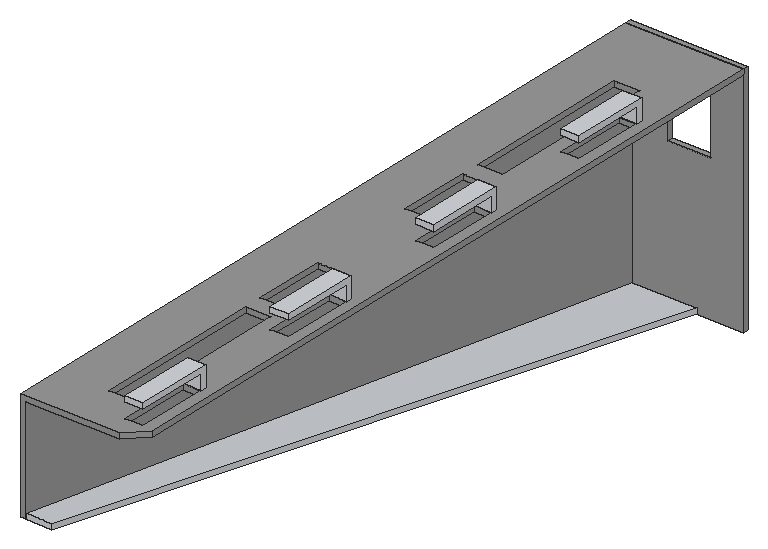
Revit family "MWAG 12 21 A4", category Generic Models, Revit 2017
Family settings
  Can host rebar = No
  Round Connector Dimension = Use Diameter
  Part Type = Normal
  Work Plane-Based = No
  Always vertical = Yes
  Cut with Voids When Loaded = No
  Shared = No
  Room Calculation Point = No
Parameters (values of type "MWAG 12 21 A4")
  URL = "http://www.obo-bettermann.com"
  Material = Stainless steel, rustproof 1.4571
  Manufacturer Art.No. = "6424412"
  Manufacturer = "OBO BETTERMANN"
  GTIN = ""
  Cut's number = 4
  Article Type = "MWAG 12 21 A4"
Reference planes
  plane 1 "Center (Front/Back)": y = 0
  plane 2: z = 0
  plane 3 "Center (Left/Right)": x = 0
  plane 4: z = 65.3
  plane 5: y = -1.5
  plane 6: y = -210
  plane 7: z = 34.6
  plane 8: x = 8.8
  plane 9: x = 19.5
  plane 10: z = 59
  plane 11: x = 17.494
  plane 12: y = -197
  plane 13: x = 17.494
  plane 14: y = -145.023
  plane 15: y = -110.023
  plane 16: y = -183
  plane 17: x = 26.994
  plane 18: x = 24.456
  plane 19: x = 29.45
  plane 20: y = -133
  plane 21: y = -83
  plane 22: y = -33
Forms (mm)
  Extrusion 1, solid, material "Stainless steel, rustproof 1.4571" <- "Material"
    sketch origin (0, 0, 0) x (1, 0, 0) y (0, 0, 1)
      loop
        line (0, 0) -> (32.494, 0) -> (32.494, 65) -> (0, 65) -> (0, 0)
    from 0 to 1.5
  Extrusion 2, solid, material "Stainless steel, rustproof 1.4571" <- "Material"
    sketch origin (0, 0, 0) x (1, 0, 0) y (0, 0, 1)
      loop
        line (0, 65) -> (0, 0) -> (1.5, 0) -> (1.5, 63.5) -> (32.494, 63.5) -> (32.494, 65) -> (0, 65)
    from 1.5 to 210
  Extrusion 3, void
    sketch origin (0, 0, 0) x (0, 1, 0) y (0, 0, 1)
      loop
        line (-210, 34.6) -> (-210, 0) -> (-1.5, 0) -> (-210, 34.6)
    from 0 to 1.5
  Extrusion 4, solid
    sketch origin (0, 0, 0) x (0, 1, 0) y (0, 0, 1)
      loop
        line (-1.5, 0) -> (-1.5, 1.521) -> (-210, 36.121) -> (-210, 34.6) -> (-1.5, 0)
    from 1.5 to 32.494
  Extrusion 5, void
    sketch origin (0, 0, 0) x (1, 0, 0) y (0, 1, 0)
      loop
        line (19.5, -1.5) -> (8.8, -210) -> (32.494, -210) -> (32.494, -1.5) -> (19.5, -1.5)
    from 0 to 36.673
  Extrusion 6, void
    sketch origin (0, 0, 0) x (1, 0, 0) y (0, 0, 1)
      loop
        line (11.494, 59) -> (11.494, 40) -> (23.494, 40) -> (23.494, 59) -> (11.494, 59)
    from 0 to 1.5
  Extrusion 7, void
    sketch origin (0, 0, 0) x (1, 0, 0) y (0, 1, 0)
      loop
        line (13.994, -197) -> (20.994, -197) -> (20.994, -150.023) -> (13.994, -150.023) -> (13.994, -197)
      loop
        line (13.994, -145.023) -> (20.994, -145.023) -> (20.994, -125.023) -> (13.994, -125.023) -> (13.994, -145.023)
      loop
        line (13.994, -23.047) -> (13.994, -70.023) -> (20.994, -70.023) -> (20.994, -23.047) -> (13.994, -23.047)
      loop
        line (13.994, -75.023) -> (13.994, -95.023) -> (20.994, -95.023) -> (20.994, -75.023) -> (13.994, -75.023)
    from 63.5 to 65
  Extrusion 8, solid
    sketch origin (0, 0, 0) x (0, 1, 0) y (0, 0, 1)
      loop
        line (-183, 65) -> (-183, 70.609) -> (-204.507, 70.609) -> (-204.507, 69.109) -> (-184.519, 69.109) -> (-184.519, 65) -> (-183, 65)
    from 24.456 to 29.45
  Extrusion 9, solid
    sketch origin (0, 50, 0) x (0, 1, 0) y (0, 0, 1)
      loop
        line (-183, 65) -> (-183, 70.609) -> (-204.507, 70.609) -> (-204.507, 69.109) -> (-184.519, 69.109) -> (-184.519, 65) -> (-183, 65)
    from 24.456 to 29.45
  Extrusion 10, solid
    sketch origin (0, 100, 0) x (0, 1, 0) y (0, 0, 1)
      loop
        line (-183, 65) -> (-183, 70.609) -> (-204.507, 70.609) -> (-204.507, 69.109) -> (-184.519, 69.109) -> (-184.519, 65) -> (-183, 65)
    from 24.456 to 29.45
  Extrusion 11, solid
    sketch origin (0, 150, 0) x (0, 1, 0) y (0, 0, 1)
      loop
        line (-183, 65) -> (-183, 70.609) -> (-204.507, 70.609) -> (-204.507, 69.109) -> (-184.519, 69.109) -> (-184.519, 65) -> (-183, 65)
    from 24.456 to 29.45
  Extrusion 12, void
    sketch origin (0, 0, 0) x (1, 0, 0) y (0, 1, 0)
      loop
        line (24.456, -184.519) -> (24.456, -204.507) -> (29.45, -204.507) -> (29.45, -184.519) -> (24.456, -184.519)
    from 63.5 to 65
  Extrusion 13, void
    sketch origin (0, 50, 0) x (1, 0, 0) y (0, 1, 0)
      loop
        line (24.456, -184.519) -> (24.456, -204.507) -> (29.45, -204.507) -> (29.45, -184.519) -> (24.456, -184.519)
    from 63.5 to 65
  Extrusion 14, void
    sketch origin (0, 100, 0) x (1, 0, 0) y (0, 1, 0)
      loop
        line (24.456, -184.519) -> (24.456, -204.507) -> (29.45, -204.507) -> (29.45, -184.519) -> (24.456, -184.519)
    from 63.5 to 65
  Extrusion 15, void
    sketch origin (0, 150, 0) x (1, 0, 0) y (0, 1, 0)
      loop
        line (24.456, -184.519) -> (24.456, -204.507) -> (29.45, -204.507) -> (29.45, -184.519) -> (24.456, -184.519)
    from 63.5 to 65
  Extrusion 16, void
    sketch origin (0, 0, 0) x (1, 0, 0) y (0, 1, 0)
      loop
        line (32.494, -210) -> (32.494, -205) -> (27.494, -210) -> (32.494, -210)
    from 63.5 to 65
Cuts and joins
  Extrusion 3, Extrusion 5, Extrusion 7, Extrusion 12, Extrusion 13, Extrusion 14, Extrusion 15, Extrusion 16 cuts Extrusion 2
  Extrusion 5, Extrusion 6 cuts Extrusion 1
  Extrusion 5, Extrusion 7 cuts Extrusion 4
  Extrusion 12 cuts Extrusion 8
Dimensions and locks
  locked: plane 4 to level at 65.3
  locked: plane 1 "Center (Front/Back)" to Extrusion 1 at 1.5
  locked: Extrusion 1 to Extrusion 2 sketch curve at 1.5  (x2)
  Extrusion 1 to Extrusion 1 = 32.494 mm
  Extrusion 1 to Extrusion 1 = 65 mm
  locked: plane 1 "Center (Front/Back)" to plane 6 at 210
  locked: Extrusion 2 to plane 7 at 30.4
  locked: cut or joined group 1 (Extrusion 2, Extrusion 3, Extrusion 5, Extrusion 7, Extrusion 12, Extrusion 13, Extrusion 14, Extrusion 15, Extrusion 16) to plane 8 at 8.8
  locked: plane 3 "Center (Left/Right)" to plane 9 at 19.5
  locked: cut or joined group 1 to plane 10 at 6
  locked: cut or joined group of Extrusion 1, Extrusion 5, Extrusion 6 to plane 11 at 15
  locked: Extrusion 6 sketch curve to Extrusion 6 sketch curve at 19
  Extrusion 6 sketch curve to Extrusion 6 sketch curve = 12 mm
  locked: Extrusion 6 sketch curve to Extrusion 6 sketch curve at 12
  locked: plane 11 to Extrusion 6 sketch curve at 6
  locked: plane 13 to cut or joined group 1 at 15
  locked: Extrusion 7 sketch curve to Extrusion 7 sketch curve at 7  (x4)
  locked: Extrusion 7 sketch curve to plane 13 at 3.5
  locked: Extrusion 7 sketch curve to Extrusion 7 sketch curve at 46.977  (x2)
  locked: Extrusion 7 sketch curve to Extrusion 7 sketch curve at 20  (x2)
  locked: Extrusion 7 sketch curve to plane 14 at 20
  plane 15 to Extrusion 7 sketch curve = 15 mm
  locked: plane 15 to Extrusion 7 sketch curve at 15
  locked: Extrusion 8 sketch curve to Extrusion 8 sketch curve at 21.507
  locked: plane 17 to cut or joined group 1 at 5.5
  locked: Extrusion 9 sketch curve to Extrusion 9 sketch curve at 21.507
  equal spacing: group 1, group 2, group 3, group 4  (x3)
  locked: Extrusion 10 sketch curve to Extrusion 10 sketch curve at 21.507
  locked: Extrusion 11 sketch curve to Extrusion 11 sketch curve at 21.507
  Extrusion 8 to Extrusion 8 = 19.989 mm
  Extrusion 8 to Extrusion 8 = 4.994 mm
  equal spacing: group 5, group 6, group 7, group 8  (x3)
  aligned and locked: level to plane 2
  aligned and locked: Extrusion 1 sketch curve to level
  aligned and locked: Extrusion 1 to plane 5
  aligned and locked: Extrusion 2 sketch curve to Extrusion 1
  aligned and locked: plane 2 to Extrusion 2 sketch curve
  aligned and locked: plane 6 to Extrusion 2
  aligned and locked: Extrusion 3 sketch curve to plane 6
  aligned and locked: Extrusion 3 to plane 3 "Center (Left/Right)"
  aligned and locked: Extrusion 3 to Extrusion 2
  aligned and locked: Extrusion 2 to Extrusion 1
  aligned and locked: Extrusion 4 sketch curve to cut or joined group 1
  aligned and locked: Extrusion 4 sketch curve to Extrusion 1
  aligned and locked: plane 6 to Extrusion 4
  aligned and locked: Extrusion 4 to Extrusion 1
  aligned and locked: Extrusion 4 to cut or joined group 1
  aligned and locked: Extrusion 3 to level
  aligned and locked: Extrusion 6 to plane 1 "Center (Front/Back)"
  aligned and locked: Extrusion 1 to Extrusion 6
  aligned and locked: Extrusion 2 to Extrusion 7  (x2)
  aligned and locked: Extrusion 8 to plane 19
  aligned and locked: Extrusion 8 to plane 18
  aligned and locked: Extrusion 2 to Extrusion 12  (x2)
  aligned and locked: Extrusion 2 to Extrusion 16
  aligned and locked: Extrusion 16 to Extrusion 2
Automatic sketch dimensions
  Extrusion 1 sketch curve to plane 3 "Center (Left/Right)" = 0 mm
  Extrusion 1 sketch curve to plane 4 = 0.3 mm
  plane 19 to Extrusion 1 sketch curve = 3.044 mm
  Extrusion 2 sketch curve to plane 3 "Center (Left/Right)" = 0 mm
  Extrusion 2 sketch curve to Extrusion 2 sketch curve = 1.5 mm
  Extrusion 3 sketch curve to level = 0 mm
  Extrusion 3 sketch curve to plane 5 = 0 mm
  Extrusion 3 sketch curve to plane 7 = 0 mm
  Extrusion 4 sketch curve to level = 0 mm
  level to Extrusion 4 sketch curve = 1.521 mm
  level to Extrusion 4 sketch curve = 34.6 mm
  Extrusion 4 sketch curve to Extrusion 4 sketch curve = 1.521 mm
  plane 6 to Extrusion 5 sketch curve = 0 mm
  Extrusion 5 sketch curve to plane 8 = 0 mm
  plane 5 to Extrusion 5 sketch curve = 0 mm
  Extrusion 5 sketch curve to plane 9 = 0 mm
  plane 19 to Extrusion 5 sketch curve = 3.044 mm
  Extrusion 6 sketch curve to plane 10 = 0 mm
  Extrusion 7 sketch curve to plane 12 = 0 mm
  Extrusion 7 sketch curve to plane 13 = 3.5 mm  (x3)
  Extrusion 7 sketch curve to Extrusion 7 sketch curve = 5 mm
  Extrusion 8 sketch curve to plane 16 = 0 mm
  plane 16 to Extrusion 8 sketch curve = 1.519 mm
  Extrusion 8 sketch curve to Extrusion 8 sketch curve = 4.109 mm
  Extrusion 8 sketch curve to Extrusion 8 sketch curve = 1.5 mm
  Extrusion 10 sketch curve to plane 21 = 0 mm
  plane 21 to Extrusion 10 sketch curve = 1.519 mm
  Extrusion 10 sketch curve to Extrusion 10 sketch curve = 4.109 mm
  Extrusion 10 sketch curve to Extrusion 10 sketch curve = 1.5 mm
  Extrusion 11 sketch curve to plane 22 = 0 mm
  plane 22 to Extrusion 11 sketch curve = 1.519 mm
  Extrusion 11 sketch curve to Extrusion 11 sketch curve = 4.109 mm
  Extrusion 11 sketch curve to Extrusion 11 sketch curve = 1.5 mm
  Extrusion 9 sketch curve to plane 20 = 0 mm
  plane 20 to Extrusion 9 sketch curve = 1.519 mm
  Extrusion 9 sketch curve to Extrusion 9 sketch curve = 4.109 mm
  Extrusion 9 sketch curve to Extrusion 9 sketch curve = 1.5 mm
  Extrusion 12 sketch curve to Extrusion 12 sketch curve = 19.989 mm
  Extrusion 12 sketch curve to Extrusion 12 sketch curve = 4.994 mm
  Extrusion 13 sketch curve to Extrusion 13 sketch curve = 19.989 mm
  Extrusion 13 sketch curve to Extrusion 13 sketch curve = 4.994 mm
  Extrusion 14 sketch curve to Extrusion 14 sketch curve = 19.989 mm
  Extrusion 14 sketch curve to Extrusion 14 sketch curve = 4.994 mm
  Extrusion 15 sketch curve to Extrusion 15 sketch curve = 19.989 mm
  Extrusion 15 sketch curve to Extrusion 15 sketch curve = 4.994 mm
  plane 6 to Extrusion 16 sketch curve = 0 mm
  plane 17 to Extrusion 16 sketch curve = 0.5 mm
  plane 19 to Extrusion 16 sketch curve = 3.044 mm
  Extrusion 16 sketch curve to plane 6 = 5 mm
